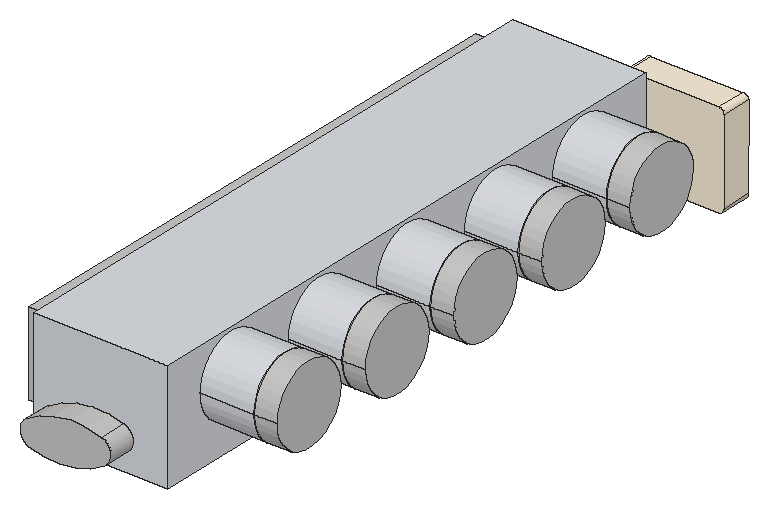
Revit family "HVAC_Ductwork_Airzone_Motorized-Plenum_LG_Low-Profile_5-Dampers", category Mechanical Equipment, Revit 2016
Family settings
  Part Type = Normal
  Round Connector Dimension = Use Diameter
  OmniClass Number = 23.75.70.14
  OmniClass Title = Air Ductwork
  Work Plane-Based = No
  Always vertical = Yes
  Cut with Voids When Loaded = No
  Shared = No
  Room Calculation Point = No
Parameters (values of type "LGESL01L5")
  Voltage = 230 V
  URL = "www.airzone.es"
  Type Image Comments = "Image available in product documentation download"  # constant formula
  Revit Model Version = "1.0"  # constant formula
  Revit Model Author URL = "www.a3d.es"
  Revit Model Author = "A3D Consulting"  # constant formula
  Product Documentation Download URL = "http://doc.airzone.es/BIM/Easyzone/LG-Airzone_motorized_plenum.zip"
  Product Comments = "Refer to technical documentation for further details"  # constant formula
  Power Factor = 1
  Neck Width = 1063.600 mm
  Neck Length = 40.000 mm
  Neck Height = 158.600 mm
  Material = Metal - AIRZONE - Galvanized Sheet - Semi-polished
  Main Control Board Material = Plastic - AIRZONE - Smooth - Off-white
  Load Classification = Other
  Insulated Body Width = 255.000 mm  # constant formula
  Insulated Body Material = Metal -AIRZONE - Insulating Lining -Aluminum Finish
  Insulated Body Length = 1140.000 mm  # constant formula
  Insulated Body Height = 210.000 mm  # constant formula
  Flow [instance] = Damper 5 Air Flow + Damper 4 Air Flow + Damper 3 Air Flow + Damper 2 Air Flow + Damper 1 Air Flow - Fresh Air Inlet 2 Flow - Fresh Air Inlet 1 Flow  # 1500 m³/h
  Fresh Air Inlet 1 Flow [instance] = 0 m³/h
  Fresh Air Inlet 2 Flow [instance] = 0 m³/h
  Fresh Air Inlet Connection Width = 175.000 mm
  Fresh Air Inlet Connection Height = 75.000 mm
  Model = "LGESL01L5"
  Neck Side Offset = 38.200 mm
  Neck Bottom Offset = 30.700 mm
  Type Image = <None>
  Manufacturer = "AIRZONE"  # constant formula
  Main Control Board Depth = 57.000 mm  # constant formula
  Main Control Board Width = 195.000 mm  # constant formula
  Main Control Board Height = 180.000 mm  # constant formula
  Fixing = ""
  Disclaimer = "All information provided in this model is reviewed before being published. However, Airzone cannot guarantee this model is error-free, therefore users are strongly encouraged to check for technical documentation and updates"  # constant formula
  Description = "Airzone low profile motorized plenum with neck that mechanically adapts to the main ducted AC units of LG."
  Type Comments = ""
  Dampers Length = 149.000 mm  # constant formula
  Dampers Diameter = 150.000 mm  # constant formula
  Damper 5 Air Flow [instance] = 300 m³/h
  Damper 4 Air Flow [instance] = 300 m³/h
  Damper 1 Air Flow [instance] = 300 m³/h
  Damper 2 Air Flow [instance] = 300 m³/h
  Damper 3 Air Flow [instance] = 300 m³/h
  Fresh Air Inlet Connection Offset Height = 48.305 mm  # constant formula
  Compatible Accesories = ""
  Apparent Load = 57.5 VA
Reference planes
  plane 1 "Center (Front/Back)": y = 0
  plane 2 "Center (Elevation)": z = 0
  plane 3 "Center (Left/Right)": x = 0
  plane 4 "Neck Back": y = 531.8
  plane 5 "Neck Front": y = -531.8
  plane 6 "Neck Top": z = 79.3
  plane 7 "Neck Bottom": z = -79.3
  plane 8 "Left": x = 40
  plane 9 "Bottom": z = -110
  plane 10 "Top": z = 100
  plane 11 "Front": y = -570
  plane 12 "Back": y = 570
  plane 13 "Right": x = 295
  plane 14 "Dampers Front": x = 444
  plane 15 "Dampers Center (Elevation)": z = 20
  plane 16 "Damper3": y = 0
  plane 17 "Damper2": y = 210
  plane 18 "Damper1": y = 420
  plane 19 "Middle": y = 0
  plane 20 "FreshAir Center (Elevation)": z = -61.695
  plane 21 "FreshAir1": y = 622.5
  plane 22 "FreshAir2": y = -622.5
  plane 23 "Dampers Lining": x = 399
  plane 24 "FreshAir Vertical Axis": x = 142.04
  plane 25 "ConnectionBox Side": x = 249
  plane 26 "Main Control Board Center (Left/Right)": x = 346.5
  plane 27 "Damper4": y = -210
  plane 28 "Damper5": y = -420
Forms (mm)
  Extrusion 1, solid, material "Metal - AIRZONE - Galvanized Sheet - Semi-polished" <- "Material"
    sketch origin (0, 0, 0) x (0, 1, 0) y (0, 0, 1)
      loop
        line (-531.8, 79.3) -> (-531.8, -79.3) -> (531.8, -79.3) -> (531.8, 79.3) -> (-531.8, 79.3)
    from 0 to 40
  Extrusion 2, solid, material "Metal -AIRZONE - Insulating Lining -Aluminum Finish" <- "Insulated Body Material"
    sketch origin (40, 0, 0) x (0, 1, 0) y (0, 0, 1)
      loop
        line (-570, 100) -> (-570, -110) -> (570, -110) -> (570, 100) -> (-570, 100)
    from 0 to 255
  Extrusion 3, solid, material "Metal - AIRZONE - Galvanized Sheet - Semi-polished" <- "Material"
    sketch origin (295, 0, 0) x (0, 1, 0) y (0, 0, 1)
      loop
        circle (0, 20) r 75
    from 104 to 149
  Extrusion 4, solid, material "Metal - AIRZONE - Galvanized Sheet - Semi-polished" <- "Material"
    sketch origin (295, 0, 0) x (0, 1, 0) y (0, 0, 1)
      loop
        circle (210, 20) r 75
    from 104 to 149
  Extrusion 5, solid, material "Metal - AIRZONE - Galvanized Sheet - Semi-polished" <- "Material"
    sketch origin (295, 0, 0) x (0, 1, 0) y (0, 0, 1)
      loop
        circle (420, 20) r 75
    from 104 to 149
  Extrusion 6, solid, material "Metal - AIRZONE - Galvanized Sheet - Semi-polished" <- "Material"
    sketch origin (0, -570, 0) x (0, 0, 1) y (1, 0, 0)
      loop
        arc (-29.141, 211.414) -> (-50.608, 228.315) -> (-75.312, 216.644) r 25.96
        arc (-75.312, 216.644) -> (-101.302, 146.808) -> (-93.849, 72.666) r 164.67
        arc (-93.849, 72.666) -> (-72.665, 55.799) -> (-47.994, 66.961) r 25.96
        arc (-47.994, 66.961) -> (-21.725, 136.99) -> (-29.141, 211.414) r 164.67
    from 0 to -52.5
  Extrusion 7, solid, material "Metal - AIRZONE - Galvanized Sheet - Semi-polished" <- "Material"
    sketch origin (0, 570, 0) x (0, 0, 1) y (1, 0, 0)
      loop
        arc (-29.141, 211.414) -> (-50.325, 228.281) -> (-74.996, 217.119) r 25.96
        arc (-74.996, 217.119) -> (-101.179, 147.74) -> (-94.267, 73.909) r 164.67
        arc (-94.267, 73.909) -> (-73.032, 55.847) -> (-47.678, 67.436) r 25.96
        arc (-47.678, 67.436) -> (-21.688, 137.272) -> (-29.141, 211.414) r 164.67
    from 0 to 52.5
  Extrusion 8, solid, material "Metal -AIRZONE - Insulating Lining -Aluminum Finish" <- "Insulated Body Material"
    sketch origin (295, 0, 0) x (0, 1, 0) y (0, 0, 1)
      loop
        circle (420, 20) r 75
    from 0 to 104
  Extrusion 9, solid, material "Metal -AIRZONE - Insulating Lining -Aluminum Finish" <- "Insulated Body Material"
    sketch origin (295, -260, 0) x (0, 1, 0) y (0, 0, 1)
      loop
        circle (470, 20) r 75
    from 0 to 104
  Extrusion 10, solid, material "Metal -AIRZONE - Insulating Lining -Aluminum Finish" <- "Insulated Body Material"
    sketch origin (295, -520, 0) x (0, 1, 0) y (0, 0, 1)
      loop
        circle (520, 20) r 75
    from 0 to 104
  Extrusion 11, solid, material "Metal - AIRZONE - Galvanized Sheet - Semi-polished" <- "Material"
    sketch origin (295, -190, 0) x (0, 1, 0) y (0, 0, 1)
      loop
        circle (-20, 20) r 75
    from 104 to 149
  Extrusion 12, solid, material "Metal -AIRZONE - Insulating Lining -Aluminum Finish" <- "Insulated Body Material"
    sketch origin (295, -710, 0) x (0, 1, 0) y (0, 0, 1)
      loop
        circle (500, 20) r 75
    from 0 to 104
  Extrusion 13, solid, material "Metal -AIRZONE - Insulating Lining -Aluminum Finish" <- "Insulated Body Material"
    sketch origin (295, -970, 0) x (0, 1, 0) y (0, 0, 1)
      loop
        circle (550, 20) r 75
    from 0 to 104
  Extrusion 14, solid, material "Metal - AIRZONE - Galvanized Sheet - Semi-polished" <- "Material"
    sketch origin (295, -450, 0) x (0, 1, 0) y (0, 0, 1)
      loop
        circle (30, 20) r 75
    from 104 to 149
Lines and regions (mm)
  Masking region 1
    outline origin (0, 0, 0) x (1, 0, 0) y (0, 1, 0)
      loop
        line (40, 570) -> (40, -570) -> (295, -570) -> (295, 570) -> (40, 570)
  Masking region 2, detail levels medium+fine
    outline origin (0, 0, 0) x (1, 0, 0) y (0, 1, 0)
      loop
        line (0, 531.8) -> (0, -531.8) -> (40, -531.8) -> (40, 531.8) -> (0, 531.8)
  Masking region 3, detail levels medium+fine
    outline origin (0, 0, 0) x (1, 0, 0) y (0, 1, 0)
      loop
        line (295, 75) -> (295, -75) -> (444, -75) -> (444, 75) -> (295, 75)
  Masking region 4, detail levels medium+fine
    outline origin (0, 260, 0) x (1, 0, 0) y (0, 1, 0)
      loop
        line (295, 25) -> (295, -125) -> (444, -125) -> (444, 25) -> (295, 25)
  Masking region 5, detail levels medium+fine
    outline origin (0, 520, 0) x (1, 0, 0) y (0, 1, 0)
      loop
        line (295, -25) -> (295, -175) -> (444, -175) -> (444, -25) -> (295, -25)
  Masking region 6, detail levels medium+fine
    outline origin (0, 0, -61.695) x (1, 0, 0) y (0, 1, 0)
      loop
        line (54.54, 622.5) -> (54.54, 570) -> (229.54, 570) -> (229.54, 622.5) -> (54.54, 622.5)
  Masking region 7, detail levels medium+fine
    outline origin (0, 0, -61.695) x (1, 0, 0) y (0, 1, 0)
      loop
        line (54.54, -570) -> (54.54, -622.5) -> (229.54, -622.5) -> (229.54, -570) -> (54.54, -570)
  Masking region 8, detail levels medium+fine
    outline origin (0, 0, 100) x (0, -1, 0) y (1, 0, 0)
      loop
        line (-627, 249) -> (-570, 249) -> (-570, 444) -> (-627, 444) -> (-627, 249)
  Masking region 9, detail levels medium+fine
    outline origin (0, -190, 0) x (1, 0, 0) y (0, 1, 0)
      loop
        line (295, 55) -> (295, -95) -> (444, -95) -> (444, 55) -> (295, 55)
  Masking region 10, detail levels medium+fine
    outline origin (0, -450, 0) x (1, 0, 0) y (0, 1, 0)
      loop
        line (295, 105) -> (295, -45) -> (444, -45) -> (444, 105) -> (295, 105)
  symbolic lines, detail levels coarse
    curve 1: line (40, -570, 0) -> (295, 0, 0)
    curve 2: line (295, 0, 0) -> (40, 570, 0)
Dimensions and locks
  equal spacing: plane 4 "Neck Back", plane 1 "Center (Front/Back)", plane 5 "Neck Front"
  "Neck Width": plane 4 "Neck Back" to plane 5 "Neck Front"
  equal spacing: plane 6 "Neck Top", level, plane 7 "Neck Bottom"
  "Neck Height": plane 6 "Neck Top" to plane 7 "Neck Bottom"
  "Neck Length": plane 3 "Center (Left/Right)" to plane 8 "Left"
  "Neck Bottom Offset": plane 7 "Neck Bottom" to plane 9 "Bottom"
  "Insulated Body Height": plane 10 "Top" to plane 9 "Bottom"
  "Insulated Body Length": plane 12 "Back" to plane 11 "Front"
  "Insulated Body Width": plane 8 "Left" to plane 13 "Right"
  "Dampers Length": plane 13 "Right" to plane 14 "Dampers Front"
  equal spacing: plane 12 "Back", plane 19 "Middle", plane 11 "Front"
  plane 8 "Left" to plane 13 "Right" = 255.000 mm
  "Fresh Air Inlet Connection Offset Height": plane 20 "FreshAir Center (Elevation)" to plane 9 "Bottom"
  locked: Extrusion 6 sketch curve to plane 9 "Bottom" at 56.47
  locked: Extrusion 6 sketch curve to plane 8 "Left" at 162.52
  locked: Extrusion 6 sketch curve to plane 8 "Left" at 41.56
  locked: Extrusion 6 sketch curve to plane 9 "Bottom" at 40.54
  locked: Extrusion 6 sketch curve to plane 8 "Left" at 118.3
  locked: plane 9 "Bottom" to Extrusion 6 sketch curve at 75.01
  locked: Extrusion 6 sketch curve to plane 8 "Left" at 85.78
  locked: Extrusion 6 sketch curve to plane 9 "Bottom" at 172.02
  locked: Extrusion 7 sketch curve to plane 8 "Left" at 162.52
  locked: Extrusion 7 sketch curve to plane 9 "Bottom" at 56.47
  locked: Extrusion 7 sketch curve to plane 9 "Bottom" at 40.54
  locked: Extrusion 7 sketch curve to plane 8 "Left" at 41.56
  locked: Extrusion 7 sketch curve to plane 8 "Left" at 85.78
  locked: Extrusion 7 sketch curve to plane 9 "Bottom" at 172.02
  locked: plane 9 "Bottom" to Extrusion 7 sketch curve at 75.01
  locked: Extrusion 7 sketch curve to plane 8 "Left" at 118.3
  "Neck Side Offset": plane 12 "Back" to plane 4 "Neck Back"
  locked: plane 21 "FreshAir1" to plane 12 "Back" at 52.5
  plane 11 "Front" to plane 22 "FreshAir2" = 52.500 mm
  locked: plane 24 "FreshAir Vertical Axis" to connector elem
  locked: plane 20 "FreshAir Center (Elevation)" to connector elem
  locked: connector elem to plane 24 "FreshAir Vertical Axis"
  locked: connector elem to plane 20 "FreshAir Center (Elevation)"
  locked: plane 23 "Dampers Lining" to plane 14 "Dampers Front" at 45
  locked: plane 8 "Left" to plane 24 "FreshAir Vertical Axis" at 102.04
  equal spacing: Masking region 3 sketch curve, plane 16 "Damper3", Masking region 3 sketch curve
  "Dampers Diameter": Masking region 3 sketch curve to Masking region 3 sketch curve
  "Dampers Diameter": Masking region 4 sketch curve to Masking region 4 sketch curve
  equal spacing: Masking region 5 sketch curve, plane 18 "Damper1", Masking region 5 sketch curve
  "Dampers Diameter": Masking region 5 sketch curve to Masking region 5 sketch curve
  equal spacing: Masking region 6 sketch curve, plane 24 "FreshAir Vertical Axis", Masking region 6 sketch curve
  "Fresh Air Inlet Connection Width": Masking region 6 sketch curve to Masking region 6 sketch curve
  equal spacing: Masking region 7 sketch curve, plane 24 "FreshAir Vertical Axis", Masking region 7 sketch curve
  "Fresh Air Inlet Connection Width": Masking region 7 sketch curve to Masking region 7 sketch curve
  "Main Control Board Depth": Masking region 8 sketch curve to plane 12 "Back"
  "Main Control Board Width": plane 25 "ConnectionBox Side" to plane 14 "Dampers Front"
  equal spacing: plane 25 "ConnectionBox Side", plane 26 "Main Control Board Center (Left/Right)", plane 14 "Dampers Front"
  locked: nested 1 to plane 10 "Top" at 10
  equal spacing: Masking region 4 sketch curve, plane 17 "Damper2", Masking region 4 sketch curve
  equal spacing: Masking region 9 sketch curve, plane 27 "Damper4", Masking region 9 sketch curve
  "Dampers Diameter": Masking region 9 sketch curve to Masking region 9 sketch curve
  plane 18 "Damper1" to plane 17 "Damper2" to plane 16 "Damper3" to plane 27 "Damper4" to plane 28 "Damper5" = 210.000 mm locked, 210.000 mm locked, 210.000 mm locked, 210.000 mm locked
  locked: plane 19 "Middle" to plane 16 "Damper3"
  equal spacing: Masking region 10 sketch curve, plane 28 "Damper5", Masking region 10 sketch curve
  "Dampers Diameter": Masking region 10 sketch curve to Masking region 10 sketch curve
  locked: plane 10 "Top" to plane 15 "Dampers Center (Elevation)" at 80
  "Dampers Diameter": diameter of Extrusion 3 sketch curve
  "Dampers Diameter": diameter of Extrusion 4 sketch curve
  "Dampers Diameter": diameter of Extrusion 5 sketch curve
  radius of Extrusion 7 sketch curve = 164.670 mm  (x2)
  radius of Extrusion 7 sketch curve = 25.960 mm  (x2)
  radius of Extrusion 6 sketch curve = 164.670 mm  (x2)
  radius of Extrusion 6 sketch curve = 25.960 mm  (x2)
  "Dampers Diameter": diameter of Extrusion 8 sketch curve
  "Dampers Diameter": diameter of Extrusion 9 sketch curve
  "Dampers Diameter": diameter of Extrusion 10 sketch curve
  "Dampers Diameter": diameter of Extrusion 11 sketch curve
  "Dampers Diameter": diameter of Extrusion 12 sketch curve
  "Dampers Diameter": diameter of Extrusion 13 sketch curve
  "Dampers Diameter": diameter of Extrusion 14 sketch curve
  aligned and locked: level to plane 2 "Center (Elevation)"
  aligned and locked: plane 5 "Neck Front" to Extrusion 1 sketch curve
  aligned and locked: Extrusion 1 sketch curve to plane 6 "Neck Top"
  aligned and locked: Extrusion 1 sketch curve to plane 4 "Neck Back"
  aligned and locked: plane 7 "Neck Bottom" to Extrusion 1 sketch curve
  aligned and locked: Extrusion 1 to plane 3 "Center (Left/Right)"
  aligned and locked: Extrusion 2 sketch curve to plane 10 "Top"
  aligned and locked: Extrusion 2 sketch curve to plane 12 "Back"
  aligned and locked: plane 9 "Bottom" to Extrusion 2 sketch curve
  aligned and locked: plane 11 "Front" to Extrusion 2 sketch curve
  aligned and locked: plane 13 "Right" to Extrusion 2
  aligned and locked: Extrusion 2 to plane 8 "Left"
  aligned and locked: plane 16 "Damper3" to Extrusion 3 sketch curve
  aligned and locked: plane 15 "Dampers Center (Elevation)" to Extrusion 3 sketch curve
  aligned and locked: plane 15 "Dampers Center (Elevation)" to Extrusion 4 sketch curve
  aligned and locked: plane 18 "Damper1" to Extrusion 5 sketch curve
  aligned and locked: plane 15 "Dampers Center (Elevation)" to Extrusion 5 sketch curve
  aligned and locked: plane 14 "Dampers Front" to Extrusion 5
  aligned and locked: plane 14 "Dampers Front" to Extrusion 4
  aligned and locked: plane 14 "Dampers Front" to Extrusion 3
  aligned and locked: plane 8 "Left" to Extrusion 1
  aligned and locked: plane 22 "FreshAir2" to Extrusion 6
  aligned and locked: plane 21 "FreshAir1" to Extrusion 7
  aligned and locked: Extrusion 7 to plane 12 "Back"
  aligned and locked: plane 11 "Front" to Extrusion 6
  aligned and locked: Extrusion 5 to plane 23 "Dampers Lining"
  aligned and locked: Extrusion 5 to Extrusion 4
  aligned and locked: Extrusion 4 to Extrusion 3
  aligned and locked: plane 23 "Dampers Lining" to Extrusion 8
  aligned and locked: Extrusion 10 to plane 13 "Right"
  aligned and locked: plane 23 "Dampers Lining" to Extrusion 10
  aligned and locked: Extrusion 9 to plane 13 "Right"
  aligned and locked: plane 23 "Dampers Lining" to Extrusion 9
  aligned and locked: Extrusion 8 to plane 13 "Right"
  aligned and locked: Extrusion 9 to Extrusion 8
  aligned and locked: plane 18 "Damper1" to Extrusion 8 sketch curve
  aligned and locked: plane 15 "Dampers Center (Elevation)" to Extrusion 8 sketch curve
  aligned and locked: plane 15 "Dampers Center (Elevation)" to Extrusion 9 sketch curve
  aligned and locked: plane 16 "Damper3" to Extrusion 10 sketch curve
  aligned and locked: plane 15 "Dampers Center (Elevation)" to Extrusion 10 sketch curve
  aligned and locked: Masking region 1 sketch curve to plane 12 "Back"
  aligned and locked: plane 8 "Left" to Masking region 1 sketch curve
  aligned and locked: Masking region 1 sketch curve to plane 13 "Right"
  aligned and locked: plane 11 "Front" to Masking region 1 sketch curve
  aligned and locked: plane 5 "Neck Front" to Masking region 2 sketch curve
  aligned and locked: plane 3 "Center (Left/Right)" to Masking region 2 sketch curve
  aligned and locked: Masking region 2 sketch curve to plane 4 "Neck Back"
  aligned and locked: Masking region 2 sketch curve to plane 8 "Left"
  aligned and locked: plane 13 "Right" to Masking region 3 sketch curve
  aligned and locked: Masking region 3 sketch curve to plane 14 "Dampers Front"
  aligned and locked: plane 13 "Right" to Masking region 4 sketch curve
  aligned and locked: Masking region 4 sketch curve to plane 14 "Dampers Front"
  aligned and locked: plane 13 "Right" to Masking region 5 sketch curve
  aligned and locked: Masking region 5 sketch curve to plane 14 "Dampers Front"
  aligned and locked: plane 12 "Back" to Masking region 6 sketch curve
  aligned and locked: Masking region 6 sketch curve to plane 21 "FreshAir1"
  aligned and locked: Masking region 7 sketch curve to plane 11 "Front"
  aligned and locked: Masking region 7 sketch curve to plane 22 "FreshAir2"
  aligned and locked: plane 12 "Back" to Masking region 8 sketch curve
  aligned and locked: Masking region 8 sketch curve to plane 14 "Dampers Front"
  aligned and locked: plane 25 "ConnectionBox Side" to Masking region 8 sketch curve
  aligned and locked: plane 17 "Damper2" to Extrusion 9 sketch curve
  aligned and locked: plane 17 "Damper2" to Extrusion 4 sketch curve
  aligned and locked: Masking region 9 sketch curve to plane 14 "Dampers Front"
  aligned and locked: plane 13 "Right" to Masking region 9 sketch curve
  aligned and locked: Extrusion 12 to plane 13 "Right"
  aligned and locked: plane 23 "Dampers Lining" to Extrusion 12
  aligned and locked: Extrusion 11 to plane 23 "Dampers Lining"
  aligned and locked: plane 14 "Dampers Front" to Extrusion 11
  aligned and locked: plane 15 "Dampers Center (Elevation)" to Extrusion 12 sketch curve
  aligned and locked: plane 27 "Damper4" to Extrusion 12 sketch curve
  aligned and locked: plane 15 "Dampers Center (Elevation)" to Extrusion 11 sketch curve
  aligned and locked: plane 27 "Damper4" to Extrusion 11 sketch curve
  aligned and locked: Masking region 10 sketch curve to plane 14 "Dampers Front"
  aligned and locked: plane 13 "Right" to Masking region 10 sketch curve
  aligned and locked: plane 28 "Damper5" to Extrusion 13 sketch curve
  aligned and locked: plane 15 "Dampers Center (Elevation)" to Extrusion 13 sketch curve
  aligned and locked: Extrusion 14 to plane 23 "Dampers Lining"
  aligned and locked: plane 14 "Dampers Front" to Extrusion 14
  aligned and locked: plane 15 "Dampers Center (Elevation)" to Extrusion 14 sketch curve
  aligned and locked: plane 28 "Damper5" to Extrusion 14 sketch curve
  aligned and locked: nested 1 to plane 26 "Main Control Board Center (Left/Right)"
Automatic sketch dimensions
  curve 2 to plane 8 "Left" = 0.000 mm
  curve 1 to plane 8 "Left" = 0.000 mm
  curve 2 to plane 13 "Right" = 0.000 mm
  curve 1 to plane 11 "Front" = 0.000 mm
  curve 2 to plane 16 "Damper3" = 0.000 mm
  curve 2 to plane 12 "Back" = 0.000 mm
Nested families
  nested 1: "Airzone_Main-Control-Board" at (346.5, 570, 0) x (-1, 0, 0) z (0, 1, 0), Extrusion <- "Main Control Board Depth", Height <- "Main Control Board Height", Width <- "Main Control Board Width", Material <- "Main Control Board Material", type "Standard"
    with Width 195.000 mm, Material Plastic - AIRZONE - Smooth - Off-white, Height 180.000 mm, Extrusion 57.000 mm
Connectors
  hvac at (444, 0, 20), driven by "Damper 3 Air Flow", driven by "Dampers Diameter"
    settings: on Extrusion 3, index 1, duct flow 300 m³/h, flow factor 0, pres drop 0.0 Pa, loss coef 0, conn angle 0.00°, conn width 304.8 mm, conn height 304.8 mm, conn diameter 150 mm, duct sys type 1, conn prof type 0, flow config 0, flow direction 2, loss method 0, conn ref index -1, conn util no, is conn primary no, conn desc "Supply Air Out 3"
  hvac at (444, 210, 20), driven by "Damper 2 Air Flow", driven by "Dampers Diameter"
    settings: on Extrusion 4, index 2, duct flow 300 m³/h, flow factor 0, pres drop 0.0 Pa, loss coef 0, conn angle 0.00°, conn width 304.8 mm, conn height 304.8 mm, conn diameter 150 mm, duct sys type 1, conn prof type 0, flow config 0, flow direction 2, loss method 0, conn ref index -1, conn util no, is conn primary no, conn desc "Supply Air Out 2"
  hvac at (444, 420, 20), driven by "Damper 1 Air Flow", driven by "Dampers Diameter"
    settings: on Extrusion 5, index 3, duct flow 300 m³/h, flow factor 0, pres drop 0.0 Pa, loss coef 0, conn angle 0.00°, conn width 304.8 mm, conn height 304.8 mm, conn diameter 150 mm, duct sys type 1, conn prof type 0, flow config 0, flow direction 2, loss method 0, conn ref index -1, conn util no, is conn primary no, conn desc "Supply Air Out 1"
  hvac at (0, 0, 0), driven by "Flow", driven by "Neck Height", driven by "Neck Width"
    settings: on Extrusion 1, index 6, duct flow 1500 m³/h, flow factor 0, pres drop 0.0 Pa, loss coef 0, conn angle 0.00°, conn width 1063.6 mm, conn height 158.6 mm, conn diameter 609.6 mm, duct sys type 1, conn prof type 1, flow config 1, flow direction 1, loss method 0, conn ref index -1, conn util no, is conn primary yes, conn desc "Supply Air In"
  hvac at (142.04, -622.5, -61.695), driven by "Fresh Air Inlet 2 Flow", driven by "Fresh Air Inlet Connection Width", driven by "Fresh Air Inlet Connection Height"
    settings: index 7, duct flow 0 m³/h, flow factor 0, pres drop 0.0 Pa, loss coef 0, conn angle 0.00°, conn width 175 mm, conn height 75 mm, conn diameter 609.6 mm, duct sys type 1, conn prof type 2, flow config 1, flow direction 1, loss method 0, conn ref index -1, conn util no, is conn primary no, conn desc "Fresh Air In 2"
  hvac at (142.04, 622.5, -61.695), driven by "Fresh Air Inlet 1 Flow", driven by "Fresh Air Inlet Connection Height", driven by "Fresh Air Inlet Connection Width"
    settings: index 8, duct flow 0 m³/h, flow factor 0, pres drop 0.0 Pa, loss coef 0, conn angle 0.00°, conn width 175 mm, conn height 75 mm, conn diameter 609.6 mm, duct sys type 1, conn prof type 2, flow config 1, flow direction 1, loss method 0, conn ref index -1, conn util no, is conn primary no, conn desc "Fresh Air In 1"
  hvac at (444, -210, 20), driven by "Damper 4 Air Flow", driven by "Dampers Diameter"
    settings: on Extrusion 11, index 9, duct flow 300 m³/h, flow factor 0, pres drop 0.0 Pa, loss coef 0, conn angle 0.00°, conn width 304.8 mm, conn height 304.8 mm, conn diameter 150 mm, duct sys type 1, conn prof type 0, flow config 0, flow direction 2, loss method 0, conn ref index -1, conn util no, is conn primary no, conn desc "Supply Air Out 4"
  hvac at (444, -420, 20), driven by "Damper 5 Air Flow", driven by "Dampers Diameter"
    settings: on Extrusion 14, index 10, duct flow 300 m³/h, flow factor 0, pres drop 0.0 Pa, loss coef 0, conn angle 0.00°, conn width 304.8 mm, conn height 304.8 mm, conn diameter 150 mm, duct sys type 1, conn prof type 0, flow config 0, flow direction 2, loss method 0, conn ref index -1, conn util no, is conn primary no, conn desc "Supply Air Out 5"
  electrical at (346.5, 627, 0), driven by "Load Classification", driven by "Voltage", driven by "Apparent Load", driven by "Power Factor"
    settings: on nested 1, index 11, voltage 230 V, apparent load 57.5 VA, apparent load phase1 0 VA, apparent load phase2 0 VA, apparent load phase3 0 VA, power factor 1, load classification "Other", number of poles 1, system type 30, power factor state 1, is connector primary yes, connector utility no, sub classification motor no, connector description "Power Supply"
Definition of nested family "Airzone_Main-Control-Board"
  Parameters (values of type "Standard")
    Width [instance] = 195.000 mm
    URL = "www.airzone.es"
    Revit Model Version = "1.0"  # constant formula
    Revit Model Author URL = "www.a3d.es"
    Revit Model Author = "A3D Consulting"  # constant formula
    Material [instance] = none
    Manufacturer = "AIRZONE"  # constant formula
    Height [instance] = 180.000 mm
    Extrusion [instance] = 57.000 mm
    Default Elevation = 0.000 mm
  Reference planes
    plane 1 "Center (Front/Back)": y = 0
    plane 2: z = 0
    plane 3 "Center (Left/Right)": x = 0
    plane 4: y = 90
    plane 5: y = -90
    plane 6: x = 97.5
    plane 7: x = -97.5
  Forms (mm)
    Extrusion 1, solid, material <- "Material"
      sketch origin (0, 0, 0) x (1, 0, 0) y (0, 1, 0)
        loop
          arc (-87.5, 90) -> (-94.571, 87.071) -> (-97.5, 80) r 10
          line (-97.5, 80) -> (-97.5, -80)
          arc (-97.5, -80) -> (-94.571, -87.071) -> (-87.5, -90) r 10
          line (-87.5, -90) -> (87.5, -90)
          arc (87.5, -90) -> (94.571, -87.071) -> (97.5, -80) r 10
          line (97.5, -80) -> (97.5, 80)
          arc (97.5, 80) -> (94.571, 87.071) -> (87.5, 90) r 10
          line (87.5, 90) -> (-87.5, 90)
      from 0 to 57 <- "Extrusion"
  Dimensions and locks
    equal spacing: plane 7, plane 3 "Center (Left/Right)", plane 6
    equal spacing: plane 4, plane 1 "Center (Front/Back)", plane 5
    "Width": plane 7 to plane 6
    "Height": plane 4 to plane 5
    radius of Extrusion 1 sketch curve = 10.000 mm  (x4)
    aligned and locked: level to plane 2
    aligned and locked: plane 5 to Extrusion 1 sketch curve
    aligned and locked: Extrusion 1 sketch curve to plane 6
    aligned and locked: Extrusion 1 sketch curve to plane 4
    aligned and locked: plane 7 to Extrusion 1 sketch curve
